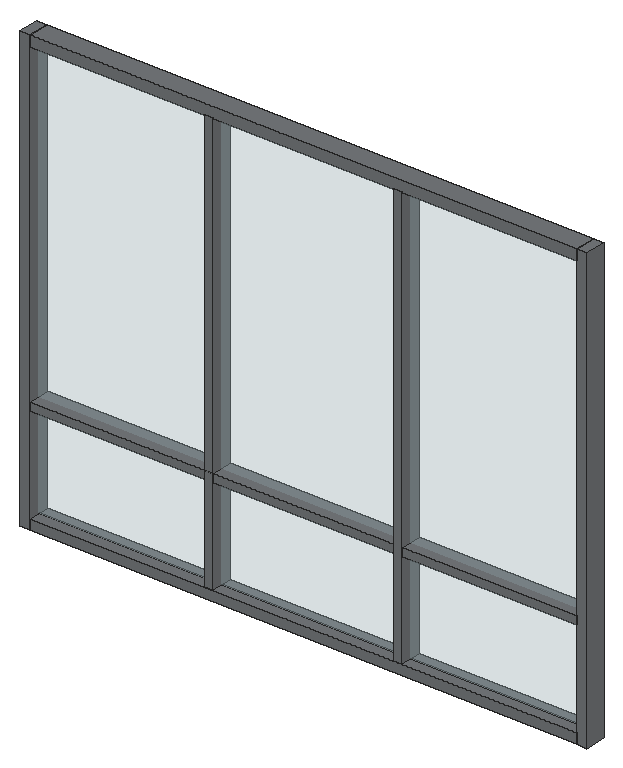
Revit family "LC W05 - A11", category Windows, host Wall, Revit 2027
Family settings
  Host = Wall
  Always vertical = Yes
  Cut with Voids When Loaded = No
  Shared = No
  Room Calculation Point = No
Parameters (values of type "A11 nominal size")
  Height = 2120 mm  # constant formula
  Description = "A07/A08 position, A11 overall sizes. Frame50x100 and glazing6mm are visual coordination profiles; manufacturer sections/glazing specification pending. Panel divisions follow schedule appearance, undimensioned divisions provisional."
  Default Sill Height = 0 mm
  Wall Closure = By host
  Width = 2710 mm  # constant formula
Reference planes
  plane 1 "Center (Front/Back)": y = 0
  plane 2 "Center (Left/Right)": x = 0
  plane 3 "Left": x = -1355
  plane 4 "Right": x = 1355
  plane 5 "Sill": z = 0
  plane 6 "Head": z = 2120
  plane 7 "Exterior": y = 100
  plane 8 "Interior": y = -100
Forms (mm)
  Extrusion 1, solid, material "LC Aluminium - charcoal coordination"
    sketch origin (0, 0, 0) x (1, 0, 0) y (0, 1, 0)
      loop
        line (-1355, -50) -> (-1305, -50) -> (-1305, 50) -> (-1355, 50) -> (-1355, -50)
    from 0 to 2120
  Extrusion 2, solid, material "LC Aluminium - charcoal coordination"
    sketch origin (0, 0, 0) x (1, 0, 0) y (0, 1, 0)
      loop
        line (1305, -50) -> (1355, -50) -> (1355, 50) -> (1305, 50) -> (1305, -50)
    from 0 to 2120
  Extrusion 3, solid, material "LC Aluminium - charcoal coordination"
    sketch origin (0, 0, 0) x (1, 0, 0) y (0, 1, 0)
      loop
        line (-1305, -50) -> (1305, -50) -> (1305, 50) -> (-1305, 50) -> (-1305, -50)
    from 2070 to 2120
  Extrusion 4, solid, material "LC Aluminium - charcoal coordination"
    sketch origin (0, 0, 0) x (1, 0, 0) y (0, 1, 0)
      loop
        line (-1305, -50) -> (1305, -50) -> (1305, 50) -> (-1305, 50) -> (-1305, -50)
    from 0 to 50
  Extrusion 5, solid, material "LC Aluminium - charcoal coordination"
    sketch origin (0, 0, 0) x (1, 0, 0) y (0, 1, 0)
      loop
        line (-471.667, -50) -> (-431.667, -50) -> (-431.667, 50) -> (-471.667, 50) -> (-471.667, -50)
    from 50 to 2070
  Extrusion 6, solid, material "LC Aluminium - charcoal coordination"
    sketch origin (0, 0, 0) x (1, 0, 0) y (0, 1, 0)
      loop
        line (431.667, -50) -> (471.667, -50) -> (471.667, 50) -> (431.667, 50) -> (431.667, -50)
    from 50 to 2070
  Extrusion 7, solid, material "LC Aluminium - charcoal coordination"
    sketch origin (0, 0, 0) x (1, 0, 0) y (0, 1, 0)
      loop
        line (-1305, -50) -> (1305, -50) -> (1305, 50) -> (-1305, 50) -> (-1305, -50)
    from 510 to 550
  Extrusion 8, solid, material "LC Glazing - specification pending"
    sketch origin (0, 0, 0) x (1, 0, 0) y (0, 1, 0)
      loop
        line (-1305, -3) -> (-451.667, -3) -> (-451.667, 3) -> (-1305, 3) -> (-1305, -3)
    from 50 to 530
  Extrusion 9, solid, material "LC Glazing - specification pending"
    sketch origin (0, 0, 0) x (1, 0, 0) y (0, 1, 0)
      loop
        line (-1305, -3) -> (-451.667, -3) -> (-451.667, 3) -> (-1305, 3) -> (-1305, -3)
    from 530 to 2070
  Extrusion 10, solid, material "LC Glazing - specification pending"
    sketch origin (0, 0, 0) x (1, 0, 0) y (0, 1, 0)
      loop
        line (-451.667, -3) -> (451.667, -3) -> (451.667, 3) -> (-451.667, 3) -> (-451.667, -3)
    from 50 to 530
  Extrusion 11, solid, material "LC Glazing - specification pending"
    sketch origin (0, 0, 0) x (1, 0, 0) y (0, 1, 0)
      loop
        line (-451.667, -3) -> (451.667, -3) -> (451.667, 3) -> (-451.667, 3) -> (-451.667, -3)
    from 530 to 2070
  Extrusion 12, solid, material "LC Glazing - specification pending"
    sketch origin (0, 0, 0) x (1, 0, 0) y (0, 1, 0)
      loop
        line (451.667, -3) -> (1305, -3) -> (1305, 3) -> (451.667, 3) -> (451.667, -3)
    from 50 to 530
  Extrusion 13, solid, material "LC Glazing - specification pending"
    sketch origin (0, 0, 0) x (1, 0, 0) y (0, 1, 0)
      loop
        line (451.667, -3) -> (1305, -3) -> (1305, 3) -> (451.667, 3) -> (451.667, -3)
    from 530 to 2070
Lines and regions (mm)
  Opening 1
    outline origin (3500, -100, 0) x (1, 0, 0) y (0, 0, 1)
      loop
        line (-2145, 0) -> (-2145, 2120) -> (-4855, 2120) -> (-4855, 0) -> (-2145, 0)
Text (mm)
  text "Exterior" at (-1963.203, 1332.353, 0), in view "Ref. Level"
  text "Interior" at (-1981.466, -818.386, 0), in view "Ref. Level"
  text "Exterior" at (0, 923.751, 2943.296), in view "Right"
  text "Exterior" at (0, 1040.484, 2685.409), in view "Left"
Dimensions and locks
  equal spacing: plane 3 "Left", plane 2 "Center (Left/Right)", plane 4 "Right"
  "Width": plane 3 "Left" to plane 4 "Right"
  "Height": plane 5 "Sill" to plane 6 "Head"
  "Default Sill Height": plane 5 "Sill" to level
  locked: plane 7 "Exterior" to host wall
  locked: plane 8 "Interior" to host wall
Automatic sketch dimensions
  Opening 1 sketch curve to plane 3 "Left" = 0 mm
  Opening 1 sketch curve to plane 4 "Right" = 0 mm
  Opening 1 sketch curve to plane 5 "Sill" = 0 mm
  Opening 1 sketch curve to plane 6 "Head" = 0 mm
  Extrusion 1 sketch curve to plane 3 "Left" = 0 mm
  Extrusion 1 sketch curve to Extrusion 1 sketch curve = 50 mm
  host wall to Extrusion 1 sketch curve = 50 mm
  Extrusion 1 sketch curve to host wall = 50 mm
  Extrusion 2 sketch curve to plane 4 "Right" = 0 mm
  plane 4 "Right" to Extrusion 2 sketch curve = 50 mm
  host wall to Extrusion 2 sketch curve = 50 mm
  Extrusion 2 sketch curve to host wall = 50 mm
  Extrusion 3 sketch curve to plane 3 "Left" = 50 mm
  plane 4 "Right" to Extrusion 3 sketch curve = 50 mm
  host wall to Extrusion 3 sketch curve = 50 mm
  Extrusion 3 sketch curve to host wall = 50 mm
  Extrusion 4 sketch curve to plane 3 "Left" = 50 mm
  plane 4 "Right" to Extrusion 4 sketch curve = 50 mm
  host wall to Extrusion 4 sketch curve = 50 mm
  Extrusion 4 sketch curve to host wall = 50 mm
  host wall to Extrusion 5 sketch curve = 50 mm
  plane 2 "Center (Left/Right)" to Extrusion 5 sketch curve = 471.667 mm
  Extrusion 5 sketch curve to Extrusion 5 sketch curve = 40 mm
  Extrusion 5 sketch curve to host wall = 50 mm
  host wall to Extrusion 6 sketch curve = 50 mm
  Extrusion 6 sketch curve to plane 2 "Center (Left/Right)" = 431.667 mm
  Extrusion 6 sketch curve to Extrusion 6 sketch curve = 40 mm
  Extrusion 6 sketch curve to host wall = 50 mm
  Extrusion 7 sketch curve to plane 3 "Left" = 50 mm
  plane 4 "Right" to Extrusion 7 sketch curve = 50 mm
  host wall to Extrusion 7 sketch curve = 50 mm
  Extrusion 7 sketch curve to host wall = 50 mm
  host wall to Extrusion 8 sketch curve = 3 mm
  Extrusion 8 sketch curve to plane 3 "Left" = 50 mm
  Extrusion 8 sketch curve to host wall = 3 mm
  plane 2 "Center (Left/Right)" to Extrusion 8 sketch curve = 451.667 mm
  host wall to Extrusion 9 sketch curve = 3 mm
  Extrusion 9 sketch curve to plane 3 "Left" = 50 mm
  Extrusion 9 sketch curve to host wall = 3 mm
  plane 2 "Center (Left/Right)" to Extrusion 9 sketch curve = 451.667 mm
  host wall to Extrusion 10 sketch curve = 3 mm
  plane 2 "Center (Left/Right)" to Extrusion 10 sketch curve = 451.667 mm
  Extrusion 10 sketch curve to host wall = 3 mm
  Extrusion 10 sketch curve to plane 2 "Center (Left/Right)" = 451.667 mm
  host wall to Extrusion 11 sketch curve = 3 mm
  plane 2 "Center (Left/Right)" to Extrusion 11 sketch curve = 451.667 mm
  Extrusion 11 sketch curve to host wall = 3 mm
  Extrusion 11 sketch curve to plane 2 "Center (Left/Right)" = 451.667 mm
  host wall to Extrusion 12 sketch curve = 3 mm
  Extrusion 12 sketch curve to plane 2 "Center (Left/Right)" = 451.667 mm
  Extrusion 12 sketch curve to host wall = 3 mm
  plane 4 "Right" to Extrusion 12 sketch curve = 50 mm
  host wall to Extrusion 13 sketch curve = 3 mm
  Extrusion 13 sketch curve to plane 2 "Center (Left/Right)" = 451.667 mm
  Extrusion 13 sketch curve to host wall = 3 mm
  plane 4 "Right" to Extrusion 13 sketch curve = 50 mm
